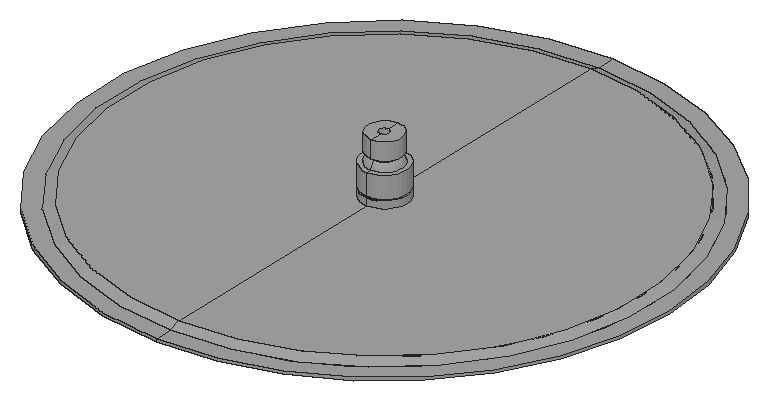
Revit family "BRG-GRF-DCH_ Briggs Reg. Red. Slim Inox Cr 40 cm", category Aparatos sanitarios, Revit 2020 (continued)
Definition of nested family "REJILLA"
  Automatic sketch dimensions
    radius of SweptBlend 105 sketch curve = 0.0015 m
    radius of SweptBlend 105 sketch curve = 0.0025 m
    radius of SweptBlend 2 sketch curve = 0.0015 m
    radius of SweptBlend 2 sketch curve = 0.0025 m
    radius of SweptBlend 3 sketch curve = 0.0015 m
    radius of SweptBlend 3 sketch curve = 0.0025 m
    radius of SweptBlend 4 sketch curve = 0.0015 m
    radius of SweptBlend 4 sketch curve = 0.0025 m
    radius of SweptBlend 5 sketch curve = 0.0015 m
    radius of SweptBlend 5 sketch curve = 0.0025 m
    radius of SweptBlend 6 sketch curve = 0.0015 m
    radius of SweptBlend 6 sketch curve = 0.0025 m
    radius of SweptBlend 7 sketch curve = 0.0015 m
    radius of SweptBlend 7 sketch curve = 0.0025 m
    radius of SweptBlend 8 sketch curve = 0.0015 m
    radius of SweptBlend 8 sketch curve = 0.0025 m
    radius of SweptBlend 9 sketch curve = 0.0015 m
    radius of SweptBlend 9 sketch curve = 0.0025 m
    radius of SweptBlend 10 sketch curve = 0.0015 m
    radius of SweptBlend 10 sketch curve = 0.0025 m
    radius of SweptBlend 11 sketch curve = 0.0015 m
    radius of SweptBlend 11 sketch curve = 0.0025 m
    radius of SweptBlend 12 sketch curve = 0.0015 m
    radius of SweptBlend 12 sketch curve = 0.0025 m
    radius of SweptBlend 13 sketch curve = 0.0015 m
    radius of SweptBlend 13 sketch curve = 0.0025 m
    radius of SweptBlend 14 sketch curve = 0.0015 m
    radius of SweptBlend 14 sketch curve = 0.0025 m
    radius of SweptBlend 15 sketch curve = 0.0015 m
    radius of SweptBlend 15 sketch curve = 0.0025 m
    radius of SweptBlend 16 sketch curve = 0.0015 m
    radius of SweptBlend 16 sketch curve = 0.0025 m
    radius of SweptBlend 17 sketch curve = 0.0015 m
    radius of SweptBlend 17 sketch curve = 0.0025 m
    radius of SweptBlend 18 sketch curve = 0.0015 m
    radius of SweptBlend 18 sketch curve = 0.0025 m
    radius of SweptBlend 19 sketch curve = 0.0015 m
    radius of SweptBlend 19 sketch curve = 0.0025 m
    radius of SweptBlend 20 sketch curve = 0.0015 m
    radius of SweptBlend 20 sketch curve = 0.0025 m
    radius of SweptBlend 21 sketch curve = 0.0015 m
    radius of SweptBlend 21 sketch curve = 0.0025 m
    radius of SweptBlend 22 sketch curve = 0.0015 m
    radius of SweptBlend 22 sketch curve = 0.0025 m
    radius of SweptBlend 23 sketch curve = 0.0015 m
    radius of SweptBlend 23 sketch curve = 0.0025 m
    radius of SweptBlend 24 sketch curve = 0.0015 m
    radius of SweptBlend 24 sketch curve = 0.0025 m
    radius of SweptBlend 25 sketch curve = 0.0015 m
    radius of SweptBlend 25 sketch curve = 0.0025 m
    radius of SweptBlend 26 sketch curve = 0.0015 m
    radius of SweptBlend 26 sketch curve = 0.0025 m
    radius of SweptBlend 27 sketch curve = 0.0015 m
    radius of SweptBlend 27 sketch curve = 0.0025 m
    radius of SweptBlend 28 sketch curve = 0.0015 m
    radius of SweptBlend 28 sketch curve = 0.0025 m
    radius of SweptBlend 29 sketch curve = 0.0015 m
    radius of SweptBlend 29 sketch curve = 0.0025 m
    radius of SweptBlend 30 sketch curve = 0.0015 m
    radius of SweptBlend 30 sketch curve = 0.0025 m
    radius of SweptBlend 31 sketch curve = 0.0015 m
    radius of SweptBlend 31 sketch curve = 0.0025 m
    radius of SweptBlend 32 sketch curve = 0.0015 m
    radius of SweptBlend 32 sketch curve = 0.0025 m
    radius of SweptBlend 33 sketch curve = 0.0015 m
    radius of SweptBlend 33 sketch curve = 0.0025 m
    radius of SweptBlend 34 sketch curve = 0.0015 m
    radius of SweptBlend 34 sketch curve = 0.0025 m
    radius of SweptBlend 35 sketch curve = 0.0015 m
    radius of SweptBlend 35 sketch curve = 0.0025 m
    radius of SweptBlend 36 sketch curve = 0.0015 m
    radius of SweptBlend 36 sketch curve = 0.0025 m
    radius of SweptBlend 37 sketch curve = 0.0015 m
    radius of SweptBlend 37 sketch curve = 0.0025 m
    radius of SweptBlend 38 sketch curve = 0.0015 m
    radius of SweptBlend 38 sketch curve = 0.0025 m
    radius of SweptBlend 39 sketch curve = 0.0015 m
    radius of SweptBlend 39 sketch curve = 0.0025 m
    radius of SweptBlend 40 sketch curve = 0.0015 m
    radius of SweptBlend 40 sketch curve = 0.0025 m
    radius of SweptBlend 41 sketch curve = 0.0015 m
    radius of SweptBlend 41 sketch curve = 0.0025 m
    radius of SweptBlend 42 sketch curve = 0.0015 m
    radius of SweptBlend 42 sketch curve = 0.0025 m
    radius of SweptBlend 43 sketch curve = 0.0015 m
    radius of SweptBlend 43 sketch curve = 0.0025 m
    radius of SweptBlend 44 sketch curve = 0.0015 m
    radius of SweptBlend 44 sketch curve = 0.0025 m
    radius of SweptBlend 45 sketch curve = 0.0015 m
    radius of SweptBlend 45 sketch curve = 0.0025 m
    radius of SweptBlend 46 sketch curve = 0.0015 m
    radius of SweptBlend 46 sketch curve = 0.0025 m
    radius of SweptBlend 47 sketch curve = 0.0015 m
    radius of SweptBlend 47 sketch curve = 0.0025 m
    radius of SweptBlend 48 sketch curve = 0.0015 m
    radius of SweptBlend 48 sketch curve = 0.0025 m
    radius of SweptBlend 49 sketch curve = 0.0015 m
    radius of SweptBlend 49 sketch curve = 0.0025 m
    radius of SweptBlend 50 sketch curve = 0.0015 m
    radius of SweptBlend 50 sketch curve = 0.0025 m
    radius of SweptBlend 51 sketch curve = 0.0015 m
    radius of SweptBlend 51 sketch curve = 0.0025 m
    radius of SweptBlend 52 sketch curve = 0.0015 m
    radius of SweptBlend 52 sketch curve = 0.0025 m
    radius of SweptBlend 53 sketch curve = 0.0015 m
    radius of SweptBlend 53 sketch curve = 0.0025 m
    radius of SweptBlend 54 sketch curve = 0.0015 m
    radius of SweptBlend 54 sketch curve = 0.0025 m
    radius of SweptBlend 55 sketch curve = 0.0015 m
    radius of SweptBlend 55 sketch curve = 0.0025 m
    radius of SweptBlend 56 sketch curve = 0.0015 m
    radius of SweptBlend 56 sketch curve = 0.0025 m
    radius of SweptBlend 57 sketch curve = 0.0015 m
    radius of SweptBlend 57 sketch curve = 0.0025 m
    radius of SweptBlend 58 sketch curve = 0.0015 m
    radius of SweptBlend 58 sketch curve = 0.0025 m
    radius of SweptBlend 59 sketch curve = 0.0015 m
    radius of SweptBlend 59 sketch curve = 0.0025 m
    radius of SweptBlend 60 sketch curve = 0.0015 m
    radius of SweptBlend 60 sketch curve = 0.0025 m
    radius of SweptBlend 61 sketch curve = 0.0015 m
    radius of SweptBlend 61 sketch curve = 0.0025 m
    radius of SweptBlend 62 sketch curve = 0.0015 m
    radius of SweptBlend 62 sketch curve = 0.0025 m
    radius of SweptBlend 63 sketch curve = 0.0015 m
    radius of SweptBlend 63 sketch curve = 0.0025 m
    radius of SweptBlend 64 sketch curve = 0.0015 m
    radius of SweptBlend 64 sketch curve = 0.0025 m
    radius of SweptBlend 65 sketch curve = 0.0015 m
    radius of SweptBlend 65 sketch curve = 0.0025 m
    radius of SweptBlend 66 sketch curve = 0.0015 m
    radius of SweptBlend 66 sketch curve = 0.0025 m
    radius of SweptBlend 67 sketch curve = 0.0015 m
    radius of SweptBlend 67 sketch curve = 0.0025 m
    radius of SweptBlend 68 sketch curve = 0.0015 m
    radius of SweptBlend 68 sketch curve = 0.0025 m
    radius of SweptBlend 69 sketch curve = 0.0015 m
    radius of SweptBlend 69 sketch curve = 0.0025 m
    radius of SweptBlend 70 sketch curve = 0.0015 m
    radius of SweptBlend 70 sketch curve = 0.0025 m
    radius of SweptBlend 71 sketch curve = 0.0015 m
    radius of SweptBlend 71 sketch curve = 0.0025 m
    radius of SweptBlend 72 sketch curve = 0.0015 m
    radius of SweptBlend 72 sketch curve = 0.0025 m
    radius of SweptBlend 73 sketch curve = 0.0015 m
    radius of SweptBlend 73 sketch curve = 0.0025 m
    radius of SweptBlend 75 sketch curve = 0.0015 m
    radius of SweptBlend 75 sketch curve = 0.0025 m
    radius of SweptBlend 76 sketch curve = 0.0015 m
    radius of SweptBlend 76 sketch curve = 0.0025 m
    radius of SweptBlend 106 sketch curve = 0.0015 m
    radius of SweptBlend 106 sketch curve = 0.0025 m
    radius of SweptBlend 107 sketch curve = 0.0015 m
    radius of SweptBlend 107 sketch curve = 0.0025 m
    radius of SweptBlend 108 sketch curve = 0.0015 m
    radius of SweptBlend 108 sketch curve = 0.0025 m
    radius of SweptBlend 109 sketch curve = 0.0015 m
    radius of SweptBlend 109 sketch curve = 0.0025 m
    radius of SweptBlend 110 sketch curve = 0.0015 m
    radius of SweptBlend 110 sketch curve = 0.0025 m
    radius of SweptBlend 111 sketch curve = 0.0015 m
    radius of SweptBlend 111 sketch curve = 0.0025 m
    radius of SweptBlend 112 sketch curve = 0.0015 m
    radius of SweptBlend 112 sketch curve = 0.0025 m
    radius of SweptBlend 113 sketch curve = 0.0015 m
    radius of SweptBlend 113 sketch curve = 0.0025 m
    radius of SweptBlend 114 sketch curve = 0.0015 m
    radius of SweptBlend 114 sketch curve = 0.0025 m
    radius of SweptBlend 115 sketch curve = 0.0015 m
    radius of SweptBlend 115 sketch curve = 0.0025 m
    radius of SweptBlend 116 sketch curve = 0.0015 m
    radius of SweptBlend 116 sketch curve = 0.0025 m
    radius of SweptBlend 117 sketch curve = 0.0015 m
    radius of SweptBlend 117 sketch curve = 0.0025 m
    radius of SweptBlend 118 sketch curve = 0.0015 m
    radius of SweptBlend 118 sketch curve = 0.0025 m
    radius of SweptBlend 119 sketch curve = 0.0015 m
    radius of SweptBlend 119 sketch curve = 0.0025 m
    radius of SweptBlend 120 sketch curve = 0.0015 m
    radius of SweptBlend 120 sketch curve = 0.0025 m
    radius of SweptBlend 121 sketch curve = 0.0015 m
    radius of SweptBlend 121 sketch curve = 0.0025 m
    radius of SweptBlend 122 sketch curve = 0.0015 m
    radius of SweptBlend 122 sketch curve = 0.0025 m
    radius of SweptBlend 123 sketch curve = 0.0015 m
    radius of SweptBlend 123 sketch curve = 0.0025 m
    radius of SweptBlend 124 sketch curve = 0.0015 m
    radius of SweptBlend 124 sketch curve = 0.0025 m
    radius of SweptBlend 125 sketch curve = 0.0015 m
    radius of SweptBlend 125 sketch curve = 0.0025 m
    radius of SweptBlend 126 sketch curve = 0.0015 m
    radius of SweptBlend 126 sketch curve = 0.0025 m
    radius of SweptBlend 127 sketch curve = 0.0015 m
    radius of SweptBlend 127 sketch curve = 0.0025 m
    radius of SweptBlend 128 sketch curve = 0.0015 m
    radius of SweptBlend 128 sketch curve = 0.0025 m
    radius of SweptBlend 129 sketch curve = 0.0015 m
    radius of SweptBlend 129 sketch curve = 0.0025 m
    radius of SweptBlend 130 sketch curve = 0.0015 m
    radius of SweptBlend 130 sketch curve = 0.0025 m
    radius of SweptBlend 131 sketch curve = 0.0015 m
    radius of SweptBlend 131 sketch curve = 0.0025 m
    radius of SweptBlend 132 sketch curve = 0.0015 m
    radius of SweptBlend 132 sketch curve = 0.0025 m
    radius of SweptBlend 133 sketch curve = 0.0015 m
    radius of SweptBlend 133 sketch curve = 0.0025 m
    radius of SweptBlend 134 sketch curve = 0.0015 m
    radius of SweptBlend 134 sketch curve = 0.0025 m
    radius of SweptBlend 135 sketch curve = 0.0015 m
    radius of SweptBlend 135 sketch curve = 0.0025 m
    radius of SweptBlend 136 sketch curve = 0.0015 m
    radius of SweptBlend 136 sketch curve = 0.0025 m
    radius of SweptBlend 137 sketch curve = 0.0015 m
    radius of SweptBlend 137 sketch curve = 0.0025 m
    radius of SweptBlend 138 sketch curve = 0.0015 m
    radius of SweptBlend 138 sketch curve = 0.0025 m
    radius of SweptBlend 139 sketch curve = 0.0015 m
    radius of SweptBlend 139 sketch curve = 0.0025 m
    radius of SweptBlend 140 sketch curve = 0.0015 m
    radius of SweptBlend 140 sketch curve = 0.0025 m
    radius of SweptBlend 141 sketch curve = 0.0015 m
    radius of SweptBlend 141 sketch curve = 0.0025 m
    radius of SweptBlend 142 sketch curve = 0.0015 m
    radius of SweptBlend 142 sketch curve = 0.0025 m
    radius of SweptBlend 143 sketch curve = 0.0015 m
    radius of SweptBlend 143 sketch curve = 0.0025 m
    radius of SweptBlend 144 sketch curve = 0.0015 m
    radius of SweptBlend 144 sketch curve = 0.0025 m
    radius of SweptBlend 145 sketch curve = 0.0015 m
    radius of SweptBlend 145 sketch curve = 0.0025 m
    radius of SweptBlend 146 sketch curve = 0.0015 m
    radius of SweptBlend 146 sketch curve = 0.0025 m
    radius of SweptBlend 147 sketch curve = 0.0015 m
    radius of SweptBlend 147 sketch curve = 0.0025 m
    radius of SweptBlend 148 sketch curve = 0.0015 m
    radius of SweptBlend 148 sketch curve = 0.0025 m
    radius of SweptBlend 149 sketch curve = 0.0015 m
    radius of SweptBlend 149 sketch curve = 0.0025 m
    radius of SweptBlend 150 sketch curve = 0.0015 m
    radius of SweptBlend 150 sketch curve = 0.0025 m
    radius of SweptBlend 151 sketch curve = 0.0015 m
    radius of SweptBlend 151 sketch curve = 0.0025 m
    radius of SweptBlend 152 sketch curve = 0.0015 m
    radius of SweptBlend 152 sketch curve = 0.0025 m
    radius of SweptBlend 153 sketch curve = 0.0015 m
    radius of SweptBlend 153 sketch curve = 0.0025 m
    radius of SweptBlend 154 sketch curve = 0.0015 m
    radius of SweptBlend 154 sketch curve = 0.0025 m
    radius of SweptBlend 155 sketch curve = 0.0015 m
    radius of SweptBlend 155 sketch curve = 0.0025 m
    radius of SweptBlend 156 sketch curve = 0.0015 m
    radius of SweptBlend 156 sketch curve = 0.0025 m
    radius of SweptBlend 157 sketch curve = 0.0015 m
    radius of SweptBlend 157 sketch curve = 0.0025 m
    radius of SweptBlend 158 sketch curve = 0.0015 m
    radius of SweptBlend 158 sketch curve = 0.0025 m
    radius of SweptBlend 159 sketch curve = 0.0015 m
    radius of SweptBlend 159 sketch curve = 0.0025 m
    radius of SweptBlend 160 sketch curve = 0.0015 m
    radius of SweptBlend 160 sketch curve = 0.0025 m
    radius of SweptBlend 161 sketch curve = 0.0015 m
    radius of SweptBlend 161 sketch curve = 0.0025 m
    radius of SweptBlend 162 sketch curve = 0.0015 m
    radius of SweptBlend 162 sketch curve = 0.0025 m
    radius of SweptBlend 163 sketch curve = 0.0015 m
    radius of SweptBlend 163 sketch curve = 0.0025 m
    radius of SweptBlend 164 sketch curve = 0.0015 m
    radius of SweptBlend 164 sketch curve = 0.0025 m
    radius of SweptBlend 165 sketch curve = 0.0015 m
    radius of SweptBlend 165 sketch curve = 0.0025 m
    radius of SweptBlend 166 sketch curve = 0.0015 m
    radius of SweptBlend 166 sketch curve = 0.0025 m
    radius of SweptBlend 167 sketch curve = 0.0015 m
    radius of SweptBlend 167 sketch curve = 0.0025 m
    radius of SweptBlend 168 sketch curve = 0.0015 m
    radius of SweptBlend 168 sketch curve = 0.0025 m
    radius of SweptBlend 169 sketch curve = 0.0015 m
    radius of SweptBlend 169 sketch curve = 0.0025 m
    radius of SweptBlend 170 sketch curve = 0.0015 m
    radius of SweptBlend 170 sketch curve = 0.0025 m
    radius of SweptBlend 171 sketch curve = 0.0015 m
    radius of SweptBlend 171 sketch curve = 0.0025 m
    radius of SweptBlend 172 sketch curve = 0.0015 m
    radius of SweptBlend 172 sketch curve = 0.0025 m
    radius of SweptBlend 173 sketch curve = 0.0015 m
    radius of SweptBlend 173 sketch curve = 0.0025 m
    radius of SweptBlend 174 sketch curve = 0.0015 m
    radius of SweptBlend 174 sketch curve = 0.0025 m
    radius of SweptBlend 175 sketch curve = 0.0015 m
    radius of SweptBlend 175 sketch curve = 0.0025 m
    radius of SweptBlend 176 sketch curve = 0.0015 m
    radius of SweptBlend 176 sketch curve = 0.0025 m
    radius of SweptBlend 177 sketch curve = 0.0015 m
    radius of SweptBlend 177 sketch curve = 0.0025 m
    radius of SweptBlend 178 sketch curve = 0.0015 m
    radius of SweptBlend 178 sketch curve = 0.0025 m
    radius of SweptBlend 179 sketch curve = 0.0015 m
    radius of SweptBlend 179 sketch curve = 0.0025 m
    radius of SweptBlend 180 sketch curve = 0.0015 m
    radius of SweptBlend 180 sketch curve = 0.0025 m
    radius of SweptBlend 181 sketch curve = 0.0015 m
    radius of SweptBlend 181 sketch curve = 0.0025 m
    radius of SweptBlend 182 sketch curve = 0.0015 m
    radius of SweptBlend 182 sketch curve = 0.0025 m
    radius of SweptBlend 183 sketch curve = 0.0015 m
    radius of SweptBlend 183 sketch curve = 0.0025 m
    radius of SweptBlend 184 sketch curve = 0.0015 m
    radius of SweptBlend 184 sketch curve = 0.0025 m
    radius of SweptBlend 185 sketch curve = 0.0015 m
    radius of SweptBlend 185 sketch curve = 0.0025 m
    radius of SweptBlend 186 sketch curve = 0.0015 m
    radius of SweptBlend 186 sketch curve = 0.0025 m
    radius of SweptBlend 187 sketch curve = 0.0015 m
    radius of SweptBlend 187 sketch curve = 0.0025 m
    radius of SweptBlend 188 sketch curve = 0.0015 m
    radius of SweptBlend 188 sketch curve = 0.0025 m
    radius of SweptBlend 189 sketch curve = 0.0015 m
    radius of SweptBlend 189 sketch curve = 0.0025 m
    radius of SweptBlend 190 sketch curve = 0.0015 m
    radius of SweptBlend 190 sketch curve = 0.0025 m
    radius of SweptBlend 191 sketch curve = 0.0015 m
    radius of SweptBlend 191 sketch curve = 0.0025 m
    radius of SweptBlend 192 sketch curve = 0.0015 m
    radius of SweptBlend 192 sketch curve = 0.0025 m
    radius of SweptBlend 193 sketch curve = 0.0015 m
    radius of SweptBlend 193 sketch curve = 0.0025 m
    radius of SweptBlend 194 sketch curve = 0.0015 m
    radius of SweptBlend 194 sketch curve = 0.0025 m
    radius of SweptBlend 195 sketch curve = 0.0015 m
    radius of SweptBlend 195 sketch curve = 0.0025 m
    radius of SweptBlend 196 sketch curve = 0.0015 m
    radius of SweptBlend 196 sketch curve = 0.0025 m
    radius of SweptBlend 197 sketch curve = 0.0015 m
    radius of SweptBlend 197 sketch curve = 0.0025 m
    radius of SweptBlend 198 sketch curve = 0.0015 m
    radius of SweptBlend 198 sketch curve = 0.0025 m
    radius of SweptBlend 199 sketch curve = 0.0015 m
    radius of SweptBlend 199 sketch curve = 0.0025 m
    radius of SweptBlend 200 sketch curve = 0.0015 m
    radius of SweptBlend 200 sketch curve = 0.0025 m
    radius of SweptBlend 201 sketch curve = 0.0015 m
    radius of SweptBlend 201 sketch curve = 0.0025 m
    radius of SweptBlend 202 sketch curve = 0.0015 m
    radius of SweptBlend 202 sketch curve = 0.0025 m
    radius of SweptBlend 203 sketch curve = 0.0015 m
    radius of SweptBlend 203 sketch curve = 0.0025 m
    radius of SweptBlend 204 sketch curve = 0.0015 m
    radius of SweptBlend 204 sketch curve = 0.0025 m
    radius of SweptBlend 205 sketch curve = 0.0015 m
    radius of SweptBlend 205 sketch curve = 0.0025 m
    radius of SweptBlend 206 sketch curve = 0.0015 m
    radius of SweptBlend 206 sketch curve = 0.0025 m
    radius of SweptBlend 207 sketch curve = 0.0015 m
    radius of SweptBlend 207 sketch curve = 0.0025 m
    radius of SweptBlend 208 sketch curve = 0.0015 m
    radius of SweptBlend 208 sketch curve = 0.0025 m
    radius of SweptBlend 209 sketch curve = 0.0015 m
    radius of SweptBlend 209 sketch curve = 0.0025 m
    radius of SweptBlend 210 sketch curve = 0.0015 m
    radius of SweptBlend 210 sketch curve = 0.0025 m
    radius of SweptBlend 211 sketch curve = 0.0015 m
    radius of SweptBlend 211 sketch curve = 0.0025 m
    radius of SweptBlend 212 sketch curve = 0.0015 m
    radius of SweptBlend 212 sketch curve = 0.0025 m
    radius of SweptBlend 213 sketch curve = 0.0015 m
    radius of SweptBlend 213 sketch curve = 0.0025 m
    radius of SweptBlend 214 sketch curve = 0.0015 m
    radius of SweptBlend 214 sketch curve = 0.0025 m
    radius of SweptBlend 215 sketch curve = 0.0015 m
    radius of SweptBlend 215 sketch curve = 0.0025 m
    radius of SweptBlend 216 sketch curve = 0.0015 m
    radius of SweptBlend 216 sketch curve = 0.0025 m
    radius of SweptBlend 217 sketch curve = 0.0015 m
    radius of SweptBlend 217 sketch curve = 0.0025 m
    radius of SweptBlend 218 sketch curve = 0.0015 m
    radius of SweptBlend 218 sketch curve = 0.0025 m
    radius of SweptBlend 219 sketch curve = 0.0015 m
    radius of SweptBlend 219 sketch curve = 0.0025 m
    radius of SweptBlend 220 sketch curve = 0.0015 m
    radius of SweptBlend 220 sketch curve = 0.0025 m
    radius of SweptBlend 221 sketch curve = 0.0015 m
    radius of SweptBlend 221 sketch curve = 0.0025 m
    radius of SweptBlend 222 sketch curve = 0.0015 m
    radius of SweptBlend 222 sketch curve = 0.0025 m
    radius of SweptBlend 223 sketch curve = 0.0015 m
    radius of SweptBlend 223 sketch curve = 0.0025 m
    radius of SweptBlend 224 sketch curve = 0.0015 m
    radius of SweptBlend 224 sketch curve = 0.0025 m
    radius of SweptBlend 225 sketch curve = 0.0015 m
    radius of SweptBlend 225 sketch curve = 0.0025 m
    radius of SweptBlend 226 sketch curve = 0.0015 m
    radius of SweptBlend 226 sketch curve = 0.0025 m
    radius of SweptBlend 227 sketch curve = 0.0015 m
    radius of SweptBlend 227 sketch curve = 0.0025 m
    radius of SweptBlend 228 sketch curve = 0.0015 m
    radius of SweptBlend 228 sketch curve = 0.0025 m
    radius of SweptBlend 229 sketch curve = 0.0015 m
    radius of SweptBlend 229 sketch curve = 0.0025 m
    radius of SweptBlend 230 sketch curve = 0.0015 m
    radius of SweptBlend 230 sketch curve = 0.0025 m
